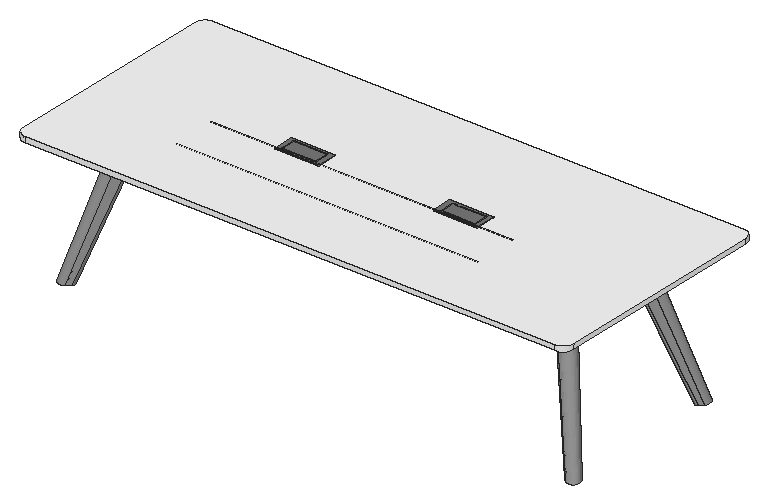
Revit family "GD1 Rectangular Dining Height", category Furniture, Revit 2016
Family settings
  OmniClass Number = 23.40.20.00
  OmniClass Title = General Furniture and Specialties
  Work Plane-Based = No
  Always vertical = Yes
  Cut with Voids When Loaded = No
  Shared = No
  Room Calculation Point = No
Parameters (values of type "2800 x 1200 C/W Power")
  Width = 2800 mm
  URL = "www.gof.co.uk"
  Table Top = Gresham - White MFC
  Range = "GD1"
  Product Code = "GD1C3"
  Power Module = yes
  Manufacturer = "Gresham Office Furniture"  # constant formula
  Frame = Gresham - Black Metal
  Depth = 1200 mm
  Assembly Code = "E2020200"
Types (7, lengths in mm): name | Width | Product Code | Power Module | Depth
  (no name) | 2800 | "GD1C3" | yes | 1200
  2000 x 1000 | 2000 | "GD1A1" | no | 1000
  2400 x 1200 | 2400 | "GD1B1" | no | 1200
  2800 x 1200 | 2800 | "GD1C1" | no | 1200
  2000 x 2000 C/W Power | 2000 | "GD1A3" | yes | 1000
  2400 x 1200 C/W Power | 2400 | "GD1B3" | yes | 1200
  2800 x 1200 C/W Power | 2800 | "GD1C3" | yes | 1200
Reference planes
  plane 1 "Center (Front/Back)": y = 0
  plane 2: z = 0
  plane 3 "Center (Left/Right)": x = 0
  plane 4: x = 1400
  plane 5: x = -1400
  plane 6: y = 600
  plane 7: y = -600
  plane 8 "Foot": z = 10
  plane 9 "Table Underside": z = 704
Forms (mm)
  Extrusion 1, solid, material "Gresham - White MFC" <- "Table Top"
    sketch origin (0, 0, 704) x (-1, 0, 0) y (0, -1, 0)
      loop
        line (-1345, -600) -> (1345, -600)
        arc (1345, -600) -> (1383.891, -583.891) -> (1400, -545) r 55
        line (1400, -545) -> (1400, 545)
        arc (1400, 545) -> (1383.891, 583.891) -> (1345, 600) r 55
        line (1345, 600) -> (-1345, 600)
        arc (-1345, 600) -> (-1383.891, 583.891) -> (-1400, 545) r 55
        line (-1400, 545) -> (-1400, -545)
        arc (-1400, -545) -> (-1383.891, -583.891) -> (-1345, -600) r 55
    from 0 to 25
  Extrusion 2, solid, material "Gresham - Black Metal" <- "Frame", detail levels medium+fine
    sketch origin (-13.775, 111.837, -0.834) x (0, 1, 0) y (0, 0, 1)
      loop
        line (-14.939, 667.004) -> (-14.939, 637.004)
        arc (-14.939, 637.004) -> (0.061, 622.004) -> (15.061, 637.004) r 15
        line (15.061, 637.004) -> (15.061, 667.004)
        arc (15.061, 667.004) -> (0.061, 682.004) -> (-14.939, 667.004) r 15
    from -947.554 to 975.104
  Extrusion 3, solid, material "Gresham - Black Metal" <- "Frame", detail levels medium+fine
    sketch origin (-2.399, 2.07, 0) x (1, 0, 0) y (0, 0, 1)
      loop
        line (1008.727, 636.17) -> (1008.727, 666.17)
        arc (1008.727, 666.17) -> (993.727, 681.17) -> (978.727, 666.17) r 15
        line (978.727, 666.17) -> (978.727, 636.17)
        arc (978.727, 636.17) -> (993.727, 621.17) -> (1008.727, 636.17) r 15
    from -79.83 to 83.97
  Extrusion 4, solid, material "Gresham - Black Metal" <- "Frame", detail levels medium+fine
    sketch origin (2.399, 2.07, 0) x (-1, 0, 0) y (0, 0, -1)
      loop
        arc (1008.727, -636.17) -> (993.727, -621.17) -> (978.727, -636.17) r 15
        line (978.727, -636.17) -> (978.727, -666.17)
        arc (978.727, -666.17) -> (993.727, -681.17) -> (1008.727, -666.17) r 15
        line (1008.727, -666.17) -> (1008.727, -636.17)
    from -79.83 to 83.97
  Extrusion 5, solid, material "Gresham - Black Metal" <- "Frame", detail levels medium+fine
    sketch origin (-13.775, -111.837, -0.834) x (0, -1, 0) y (0, 0, -1)
      loop
        arc (-14.939, -667.004) -> (0.061, -682.004) -> (15.061, -667.004) r 15
        line (15.061, -667.004) -> (15.061, -637.004)
        arc (15.061, -637.004) -> (0.061, -622.004) -> (-14.939, -637.004) r 15
        line (-14.939, -637.004) -> (-14.939, -667.004)
    from -947.554 to 975.104
Dimensions and locks
  equal spacing: plane 5, plane 3 "Center (Left/Right)", plane 4
  "Width": plane 5 to plane 4
  equal spacing: plane 7, plane 1 "Center (Front/Back)", plane 6
  "Depth": plane 7 to plane 6
  locked: plane 8 "Foot" to plane 2 at 10
  locked: plane 9 "Table Underside" to plane 2 at 704
  locked: Extrusion 1 to level at 729
  locked: plane 5 to nested 1 at 135
  locked: nested 2 to plane 4 at 135
  locked: plane 5 to nested 3 at 135
  Extrusion 2 sketch curve to Extrusion 2 sketch curve = 30 mm
  locked: nested 4 to plane 4 at 135
  nested 6 to plane 3 "Center (Left/Right)" to nested 5 = 290 mm, 290 mm
  locked: nested 6 to nested 5 at 580
  Extrusion 5 sketch curve to Extrusion 5 sketch curve = 30 mm
  locked: Extrusion 2 to plane 4 at 438.671
  locked: plane 5 to Extrusion 2 at 438.671
  locked: plane 5 to Extrusion 5 at 438.671
  locked: Extrusion 5 to plane 4 at 438.671
  aligned and locked: level to plane 2
Automatic sketch dimensions
  Extrusion 1 sketch curve to plane 4 = 0 mm
  Extrusion 1 sketch curve to plane 7 = 0 mm
  plane 6 to Extrusion 1 sketch curve = 0 mm
  Extrusion 1 sketch curve to plane 5 = 0 mm
  Extrusion 1 sketch curve to plane 4 = 55 mm  (x2)
  Extrusion 1 sketch curve to Extrusion 1 sketch curve = 55 mm
  plane 5 to Extrusion 1 sketch curve = 55 mm
  Extrusion 2 sketch curve to plane 9 "Table Underside" = 37.83 mm
  Extrusion 2 sketch curve to plane 1 "Center (Front/Back)" = 96.898 mm
  Extrusion 2 sketch curve to Extrusion 2 sketch curve = 30 mm
  Extrusion 3 sketch curve to plane 9 "Table Underside" = 37.83 mm
  Extrusion 3 sketch curve to plane 4 = 423.672 mm
  Extrusion 3 sketch curve to Extrusion 3 sketch curve = 15 mm
  Extrusion 3 sketch curve to Extrusion 3 sketch curve = 30 mm
  Extrusion 4 sketch curve to plane 9 "Table Underside" = 37.83 mm
  plane 5 to Extrusion 4 sketch curve = 423.672 mm
  Extrusion 4 sketch curve to Extrusion 4 sketch curve = 15 mm
  Extrusion 4 sketch curve to Extrusion 4 sketch curve = 30 mm
  Extrusion 5 sketch curve to plane 9 "Table Underside" = 37.83 mm
  plane 1 "Center (Front/Back)" to Extrusion 5 sketch curve = 96.898 mm
  Extrusion 5 sketch curve to Extrusion 5 sketch curve = 30 mm
Nested families
  nested 1: "Dining Height Leg" at (-399.671, 0, 0), type "Dining Height Leg", detail levels medium+fine
  nested 2: "Dining Height Leg" at (399.671, 0, 0) x (-1, 0, 0) z (0, 0, 1), type "Dining Height Leg", detail levels medium+fine
  nested 3: "Dining Height Leg" at (-399.671, 0, 0), type "Dining Height Leg", detail levels medium+fine
  nested 4: "Dining Height Leg" at (399.671, 0, 0) x (-1, 0, 0) z (0, 0, 1), type "Dining Height Leg", detail levels medium+fine
  nested 5: "Power Module" at (405, 0, 0) x (-1, 0, 0) z (0, 0, 1), visible <- "Power Module", type "Power Module", detail levels medium+fine
  nested 6: "Power Module" at (-405, 0, 0), visible <- "Power Module", type "Power Module", detail levels medium+fine
Definition of nested family "Dining Height Leg"
  Parameters (values of type "Dining Height Leg")
    Width = 2000 mm
    URL = "www.gof.co.uk"
    Range = "GD1"
    Product Code = ""
    Manufacturer = "Gresham Office Furniture"  # constant formula
    Leg Plate = none
    Leg = none
    Frame = none
    Foot = none
    Depth = 1000 mm
    Assembly Code = "E2020200"
  Reference planes
    plane 1 "Center (Front/Back)": y = 0
    plane 2: z = 0
    plane 3 "Center (Left/Right)": x = 0
    plane 4: x = -1000
    plane 5: x = 1000
    plane 6: y = 500
    plane 7: y = -500
  Forms (mm)
    Blend 1, solid, material <- "Leg"
      base sketch origin (0, 0, 10) x (-1, 0, 0) y (0, -1, 0)
        loop
          line (896.68, 370.671) -> (916.782, 392.997)
          arc (916.782, 392.997) -> (915.657, 435.982) -> (872.671, 437.108) r 31.234
          line (872.671, 437.108) -> (850.346, 417.006)
          arc (850.346, 417.006) -> (846.71, 409.121) -> (849.928, 401.056) r 10.998
          line (849.928, 401.056) -> (865.329, 385.655) -> (880.73, 370.254)
          arc (880.73, 370.254) -> (888.795, 367.036) -> (896.68, 370.671) r 10.998
      top sketch origin (0, 0, 704) x (-1, 0, 0) y (0, -1, 0)
        loop
          line (637.609, 203.812) -> (683.571, 157.85)
          arc (683.571, 157.85) -> (690.642, 154.921) -> (697.713, 157.85) r 10
          line (697.713, 157.85) -> (740.092, 200.228)
          arc (740.092, 200.228) -> (740.092, 260.332) -> (679.987, 260.332) r 42.5
          line (679.987, 260.332) -> (637.609, 217.954)
          arc (637.609, 217.954) -> (634.68, 210.883) -> (637.609, 203.812) r 10
      from 0 to -5
    Extrusion 2, solid, material <- "Leg Plate"
      sketch origin (0, 0, 704) x (-1, 0, 0) y (0, -1, 0)
        loop
          line (696.855, 156.991) -> (740.092, 200.228)
          arc (740.092, 200.228) -> (740.092, 260.332) -> (679.987, 260.332) r 42.5
          line (679.987, 260.332) -> (636.751, 217.095)
          arc (636.751, 217.095) -> (631.556, 213.625) -> (625.43, 212.406) r 16.01
          line (625.43, 212.406) -> (588.193, 212.406)
          arc (588.193, 212.406) -> (580.65, 208.975) -> (578.28, 201.036) r 10.007
          arc (578.28, 201.036) -> (612.304, 132.544) -> (680.795, 98.52) r 119.987
          arc (680.795, 98.52) -> (688.735, 100.891) -> (692.165, 108.433) r 10.007
          line (692.165, 108.433) -> (692.165, 145.67)
          arc (692.165, 145.67) -> (693.384, 151.797) -> (696.855, 156.991) r 16.01
      from 0 to -5
    Revolve 3, solid, material <- "Foot"
      sketch origin (0.262, -411.941, 0) x (1, 0, 0) y (0, 0, 1)
        loop
          line (-891.876, 10) -> (-891.876, 0) -> (-879.373, 0) -> (-879.373, 7.017) -> (-886.876, 7.017) -> (-886.876, 10) -> (-891.876, 10)
        axis (-891.876, 10) -> (-891.876, 0)
      angle from 0 to 360
    Extrusion 4, solid, material <- "Frame"
      sketch origin (-249.642, -609.237, 0) x (-0.707107, 0.707107, 0) y (0, 0, -1)
        loop
          arc (608.727, -636.17) -> (593.513, -620.956) -> (578.299, -636.17) r 15.214
          line (578.299, -636.17) -> (578.299, -666.17)
          arc (578.299, -666.17) -> (593.513, -681.384) -> (608.727, -666.17) r 15.214
          line (608.727, -666.17) -> (608.727, -636.17)
      from -79.83 to 20.17
    Extrusion 5, solid, material <- "Frame"
      sketch origin (102.07, -2.07, 10) x (-1, 0, 0) y (0, -1, 0)
        loop
          line (675.226, 79.83) -> (712.228, 79.83) -> (712.228, 98.023)
          arc (712.228, 98.023) -> (712.989, 101.85) -> (715.157, 105.094) r 10
          line (715.157, 105.094) -> (728.023, 117.96) -> (701.86, 144.123) -> (688.994, 131.257)
          arc (688.994, 131.257) -> (685.75, 129.089) -> (681.923, 128.328) r 10
          line (681.923, 128.328) -> (663.728, 128.328) -> (663.728, 91.328)
          arc (663.728, 91.328) -> (671.859, 87.96) -> (675.226, 79.83) r 11.498
      from 608.17 to 674.17
  Dimensions and locks
    equal spacing: plane 4, plane 3 "Center (Left/Right)", plane 5
    "Width": plane 4 to plane 5
    equal spacing: plane 6, plane 1 "Center (Front/Back)", plane 7
    "Depth": plane 6 to plane 7
    aligned and locked: level to plane 2
Definition of nested family "Power Module"
  Parameters (values of type "Power Module")
    URL = "www.gof.co.uk"
    Range = "GD1"
    Product Code = ""
    Power Module = none
    Manufacturer = "Gresham Office Furniture"  # constant formula
    Assembly Code = "E2020200"
  Reference planes
    plane 1 "Center (Front/Back)": y = 0
    plane 2: z = 0
    plane 3 "Center (Left/Right)": x = 0
    plane 4: x = 1000
    plane 5: x = -1000
    plane 6: y = 500
    plane 7: y = -500
    plane 8 "Foot": z = 10
    plane 9 "Table Underside": z = 704
  Forms (mm)
    Extrusion 1, solid, material <- "Power Module"
      sketch origin (415.968, 0, 729) x (-1, 0, 0) y (0, -1, 0)
        loop
          line (305.968, -52.5) -> (520.968, -52.5)
          arc (520.968, -52.5) -> (524.503, -51.036) -> (525.968, -47.5) r 5
          line (525.968, -47.5) -> (525.968, 47.5)
          arc (525.968, 47.5) -> (524.503, 51.036) -> (520.968, 52.5) r 5
          line (520.968, 52.5) -> (305.968, 52.5)
          arc (305.968, 52.5) -> (302.432, 51.036) -> (300.968, 47.5) r 5
          line (300.968, 47.5) -> (300.968, -47.5)
          arc (300.968, -47.5) -> (302.432, -51.036) -> (305.968, -52.5) r 5
        loop
          line (500.968, 0) -> (500.968, 34.5)
          arc (500.968, 34.5) -> (500.089, 36.621) -> (497.968, 37.5) r 3
          line (497.968, 37.5) -> (333.968, 37.5)
          arc (333.968, 37.5) -> (331.846, 36.621) -> (330.968, 34.5) r 3
          line (330.968, 34.5) -> (330.968, 0) -> (330.968, -34.5)
          arc (330.968, -34.5) -> (331.846, -36.621) -> (333.968, -37.5) r 3
          line (333.968, -37.5) -> (497.968, -37.5)
          arc (497.968, -37.5) -> (500.089, -36.621) -> (500.968, -34.5) r 3
          line (500.968, -34.5) -> (500.968, 0)
        loop
          line (333.968, -39.5) -> (497.968, -39.5)
          arc (497.968, -39.5) -> (501.503, -38.036) -> (502.968, -34.5) r 5
          line (502.968, -34.5) -> (502.968, 0) -> (502.968, 34.5)
          arc (502.968, 34.5) -> (501.503, 38.036) -> (497.968, 39.5) r 5
          line (497.968, 39.5) -> (333.968, 39.5)
          arc (333.968, 39.5) -> (330.432, 38.036) -> (328.968, 34.5) r 5
          line (328.968, 34.5) -> (328.968, 0) -> (328.968, -34.5)
          arc (328.968, -34.5) -> (330.432, -38.036) -> (333.968, -39.5) r 5
      from 0 to 3
  Dimensions and locks
    equal spacing: plane 5, plane 3 "Center (Left/Right)", plane 4
    plane 5 to plane 4 = 2000 mm
    equal spacing: plane 7, plane 1 "Center (Front/Back)", plane 6
    plane 7 to plane 6 = 1000 mm
    locked: plane 8 "Foot" to plane 2 at 10
    locked: plane 9 "Table Underside" to plane 2 at 704
    equal spacing: Extrusion 1 sketch curve, plane 1 "Center (Front/Back)", Extrusion 1 sketch curve
    locked: Extrusion 1 to Extrusion 1 at 225
    locked: Extrusion 1 to Extrusion 1 at 105
    equal spacing: Extrusion 1, plane 1 "Center (Front/Back)", Extrusion 1
    aligned and locked: level to plane 2
  Automatic sketch dimensions
    Extrusion 1 sketch curve to Extrusion 1 sketch curve = 0 mm  (x18)
    Extrusion 1 sketch curve to Extrusion 1 sketch curve = 5 mm  (x3)
    Extrusion 1 sketch curve to Extrusion 1 sketch curve = 23 mm
    Extrusion 1 sketch curve to Extrusion 1 sketch curve = 2 mm
    Extrusion 1 sketch curve to Extrusion 1 sketch curve = 3 mm  (x3)
    Extrusion 1 sketch curve to Extrusion 1 sketch curve = 164 mm
    Extrusion 1 sketch curve to Extrusion 1 sketch curve = 18 mm  (x2)
    Extrusion 1 sketch curve to Extrusion 1 sketch curve = 8 mm
    Extrusion 1 sketch curve to Extrusion 1 sketch curve = 34.5 mm  (x2)
    Extrusion 1 sketch curve to Extrusion 1 sketch curve = 13 mm
    plane 1 "Center (Front/Back)" to Extrusion 1 sketch curve = 0 mm
    plane 3 "Center (Left/Right)" to Extrusion 1 sketch curve = 115 mm
